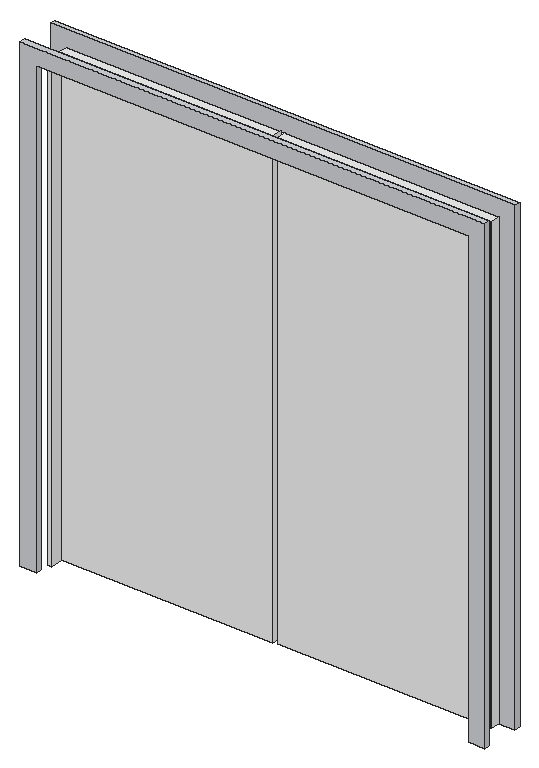
Revit family
Parameters (values of type "2000 x 2100 mm 2")
  프레임 투영 외부 = 25 mm
  프레임 투영 내부 = 25 mm
  프레임 폭 = 75 mm
  Function = (empty or 0)
  Assembly Code = ""
  Thickness = 43 mm
  Height = 2100 mm
  Wall Closure = (empty or 0)
  Width = 2000 mm
Reference planes
  plane 1: y = 0
  plane 2 "중심(왼쪽/오른쪽)": x = 0
  plane 3 "좌측면": x = -1000
  plane 4 "오른쪽": x = 1000
  plane 5: z = 2100
  plane 6 "외부": y = 75
  plane 7 "내부": y = -75
Forms (mm)
  Extrusion 1, solid
    sketch origin (-3050, -75, 0) x (1, 0, 0) y (0, 0, 1)
      loop
        line (1975, 0) -> (2050, 0) -> (2050, 2100) -> (4050, 2100) -> (4050, 0) -> (4125, 0) -> (4125, 2175) -> (1975, 2175) -> (1975, 0)
    from 0 to 25
  Extrusion 2, solid
    sketch origin (-3050, 75, 0) x (-1, 0, 0) y (0, 0, 1)
      loop
        line (-2050, 0) -> (-1975, 0) -> (-1975, 2175) -> (-4125, 2175) -> (-4125, 0) -> (-4050, 0) -> (-4050, 2100) -> (-2050, 2100) -> (-2050, 0)
    from 0 to 25
  Extrusion 3, solid, material "문짝"
    sketch origin (0, 0, 0) x (1, 0, 0) y (0, 1, 0)
      loop
        line (-1000, 32) -> (-10, 32) -> (-10, 75) -> (-1000, 75) -> (-1000, 32)
      loop
        line (1000, 32) -> (1000, 75) -> (10, 75) -> (10, 32) -> (1000, 32)
      loop
        line (-1000, 21.744) -> (-1000, -32) -> (-985, -32) -> (-985, 21.744) -> (-1000, 21.744)
      loop
        line (985, 21.611) -> (985, -32) -> (1000, -32) -> (1000, 21.611) -> (985, 21.611)
    from 0 to 2100
Lines and regions (mm)
  Opening 1
    outline origin (-3050, -75, 0) x (1, 0, 0) y (0, 0, 1)
      loop
        line (2050, 0) -> (4050, 0) -> (4050, 2100) -> (2050, 2100) -> (2050, 0)
  symbolic lines, style "입면도 스윙"
    curve 1: line (1000, -75, 1050) -> (10, -75, 0)
    curve 22: line (1000, -75, 1050) -> (10, -75, 2100)
    curve 23: line (-1000, -75, 1050) -> (-10, -75, 0)
    curve 24: line (-1000, -75, 1050) -> (-10, -75, 2100)
  symbolic lines
    curve 2: line (-1000, 75, 0) -> (-1000, 32, 0)
    curve 3: line (-1000, 32, 0) -> (-985, 32, 0)
    curve 4: line (-1000, -75, 0) -> (-1000, -32, 0)
    curve 5: line (-1000, -32, 0) -> (-985, -32, 0)
    curve 6: line (-985, -32, 0) -> (-985, 32, 0)
    curve 7: line (1000, 75, 0) -> (1000, 32, 0)
    curve 8: line (1000, 32, 0) -> (985, 32, 0)
    curve 9: line (1000, -75, 0) -> (1000, -32, 0)
    curve 10: line (1000, -32, 0) -> (985, -32, 0)
    curve 11: line (985, -32, 0) -> (985, 32, 0)
    curve 12: line (-1000, 75, 0) -> (-1000, 1075, 0)
    curve 13: line (-1000, 1075, 0) -> (-957, 1075, 0)
    curve 14: line (-957, 1075, 0) -> (-957, 75, 0)
    curve 15: line (-957, 75, 0) -> (-1000, 75, 0)
    curve 16: line (1000, 75, 0) -> (1000, 1075, 0)
    curve 17: line (1000, 1075, 0) -> (957, 1075, 0)
    curve 18: line (957, 1075, 0) -> (957, 75, 0)
    curve 19: line (957, 75, 0) -> (1000, 75, 0)
    curve 20: arc (-957, 1075, 0) -> (-262.488, 751.701, 0) -> (0, 32, 0) r 1000.924
    curve 21: arc (957, 1075, 0) -> (262.488, 751.701, 0) -> (0, 32, 0) r 1000.924
Text (mm)
  text "외부" at (-2295.016, 1099.543, 0), in view "참조 레벨"
  text "외부" at (0, 1615.38, 3698.081), in view "좌측면"
  text "외부" at (0, 1036.032, 3874.932), in view "오른쪽"
Dimensions and locks
  equal spacing: plane 3 "좌측면", plane 2 "중심(왼쪽/오른쪽)", plane 4 "오른쪽"
  "Width": plane 3 "좌측면" to plane 4 "오른쪽"
  "Height": plane 5 to host wall
  equal spacing: host wall, curve 1, plane 5
  host wall to plane 5 = 2100 mm
  "프레임 투영 외부": Extrusion 2 to Extrusion 2
  "프레임 투영 내부": Extrusion 1 to Extrusion 1
  "프레임 폭": plane 3 "좌측면" to Extrusion 1 sketch curve
  "프레임 폭": plane 4 "오른쪽" to Extrusion 1 sketch curve
  "프레임 폭": Extrusion 1 sketch curve to plane 5
  "프레임 폭": plane 4 "오른쪽" to Extrusion 2 sketch curve
  "프레임 폭": plane 3 "좌측면" to Extrusion 2 sketch curve
  "프레임 폭": plane 5 to Extrusion 2 sketch curve
  locked: plane 6 "외부" to host wall at 0
  locked: plane 7 "내부" to host wall
  Extrusion 3 to Extrusion 3 = 43 mm
  Extrusion 3 to Extrusion 3 = 53.611 mm
  aligned and locked: plane 3 "좌측면" to Opening 1 sketch curve
  aligned and locked: plane 5 to Opening 1 sketch curve  (x2)
  aligned and locked: Opening 1 sketch curve to plane 4 "오른쪽"
  aligned and locked: Opening 1 sketch curve to level
  aligned and locked: level to Extrusion 1 sketch curve
  aligned and locked: plane 5 to Extrusion 1 sketch curve  (x2)
  aligned and locked: Extrusion 1 sketch curve to plane 4 "오른쪽"
  aligned and locked: plane 3 "좌측면" to Extrusion 1 sketch curve
  aligned and locked: plane 3 "좌측면" to Extrusion 2 sketch curve
  aligned and locked: plane 5 to Extrusion 2 sketch curve  (x2)
  aligned and locked: level to Extrusion 2 sketch curve
  aligned and locked: plane 1 to host wall
Automatic sketch dimensions
  curve 1 to level = 0 mm
  curve 1 to plane 4 "오른쪽" = 0 mm
  plane 2 "중심(왼쪽/오른쪽)" to curve 1 = 10 mm
  Extrusion 1 sketch curve to level = 0 mm
  Extrusion 2 sketch curve to plane 4 "오른쪽" = 0 mm
  Extrusion 2 sketch curve to level = 0 mm
  curve 2 to host wall = 0 mm
  curve 2 to plane 3 "좌측면" = 0 mm
  curve 20 to host wall = 0 mm
  curve 20 to plane 3 "좌측면" = 0 mm
  curve 4 to host wall = 0 mm
  curve 4 to plane 3 "좌측면" = 0 mm
  curve 21 to plane 2 "중심(왼쪽/오른쪽)" = 0 mm
  curve 19 to host wall = 0 mm
  curve 17 to plane 4 "오른쪽" = 0 mm
  curve 9 to host wall = 0 mm
  curve 9 to plane 4 "오른쪽" = 0 mm
  curve 21 to host wall = 0 mm
  curve 21 to plane 4 "오른쪽" = 0 mm
  curve 4 to curve 6 = 15 mm
  curve 20 to plane 3 "좌측면" = 43 mm
  plane 4 "오른쪽" to curve 18 = 43 mm
  plane 4 "오른쪽" to curve 8 = 15 mm
  host wall to curve 9 = 32 mm
  host wall to curve 4 = 32 mm
  curve 7 to host wall = 32 mm
  curve 3 to host wall = 32 mm
  curve 21 to host wall = 32 mm
  Extrusion 3 sketch curve to plane 3 "좌측면" = 0 mm  (x2)
  Extrusion 3 sketch curve to host wall = 0 mm  (x2)
  Extrusion 3 sketch curve to plane 4 "오른쪽" = 0 mm  (x2)
  Extrusion 3 sketch curve to Extrusion 3 sketch curve = 15 mm
  Extrusion 3 sketch curve to plane 2 "중심(왼쪽/오른쪽)" = 10 mm
  plane 2 "중심(왼쪽/오른쪽)" to Extrusion 3 sketch curve = 10 mm
  plane 4 "오른쪽" to Extrusion 3 sketch curve = 15 mm
  Extrusion 3 sketch curve to host wall = 32 mm
  Extrusion 3 sketch curve to Extrusion 3 sketch curve = 0 mm
  Extrusion 3 sketch curve to Extrusion 3 sketch curve = 10.256 mm
  Extrusion 3 sketch curve to Extrusion 3 sketch curve = 10.389 mm
  host wall to Extrusion 3 sketch curve = 32 mm  (x2)
  curve 24 to plane 3 "좌측면" = 0 mm
  curve 23 to level = 0 mm
  curve 24 to plane 5 = 0 mm
  curve 22 to plane 5 = 0 mm
  curve 22 to plane 4 "오른쪽" = 0 mm
  curve 23 to plane 2 "중심(왼쪽/오른쪽)" = 10 mm
  curve 24 to plane 2 "중심(왼쪽/오른쪽)" = 10 mm
  plane 2 "중심(왼쪽/오른쪽)" to curve 22 = 10 mm
  level to curve 23 = 1050 mm
  level to curve 22 = 1050 mm
